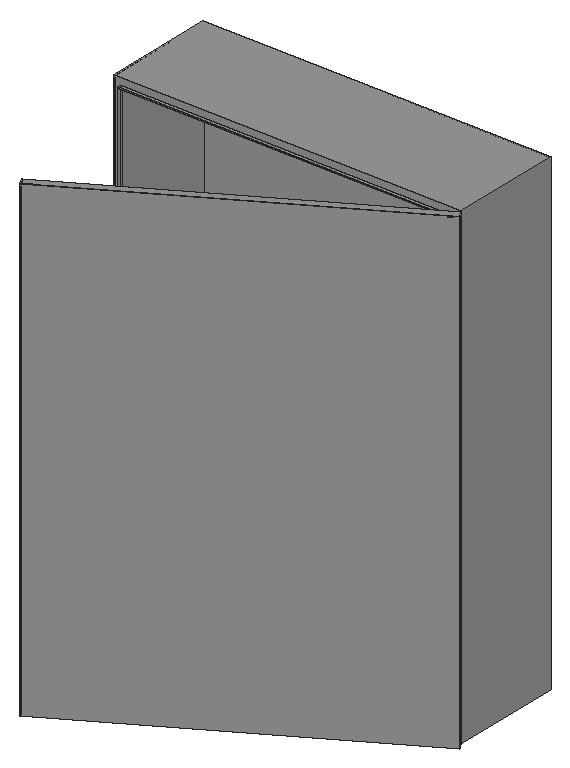
Revit family "Hager-Univers-IP55-D275-H1100-Cl.II-Steel_encl-NoHosted-PL-en", category Equipement électrique, Revit 2020
Family settings
  Configuration du panneau = Deux colonnes, circuits au sein
  Cote de connecteur circulaire = Utiliser le diamètre
  Type d'élément = Tableau de raccordement
  Basée sur le plan de construction = Oui
  Toujours verticalement = Oui
  Couper avec des vides une fois chargée = Non
  Partagée = Non
  Point de calcul de pièce = Non
Parameters (values of type "Surface mounted (plaster) IP55 W800 H1100 D275  - FR73S")
  Width Control [instance] = if([EF000008 - Width] > Min Width, [EF000008 - Width], Min Width)  # 800 mm
  Commentaires du type = [HG000003 - Range]  # "Univers"
  Thickness Door [instance] = if([EF009171 - Material plate thickness door/cover] > 3 mm, 3 mm, [EF009171 - Material plate thickness door/cover])  # 1.5 mm
  Seal Frame Offset [instance] = 17 mm  # constant formula
  Plinth Visibility [instance] = [HG000027 - Plinth height] > 0 mm  # no
  Min Width [instance] = 100 mm  # constant formula
  Min Depth [instance] = (2 * [EF009170 - Material plate thickness cabinet]) + 1 mm  # 4 mm
  Min Height [instance] = 100 mm  # constant formula
  Internal Frame Depth [instance] = (Door System Depth * 0.5)  # 9 mm
  Panel Name [instance] = ""  # (empty or 0)
  Model = ""
  HG000027 - Plinth height = 0 mm
  HG000026 - Floor standing = no
  HG000024 - Bottom section height = 600 mm
  HG000023 - Double section enclosure = no
  HG000016 - Door 3d visibility [instance] = yes
  HG000015 - Clearance visibility [instance] = no
  HG000014 - Door on the right [instance] = yes
  HG000013 - Door on the left [instance] = not([HG000014 - Door on the right])  # no
  HG000012 - Door swing angle [instance] = 30.00°
  HG000010 - Asymmetric doors = no
  HG000009 - Double swing door = no
  HG000006 - Flush mounted = no
  HG000004 - Manufacturer reference = "FR73S"
  HG000003 - Range = "Univers"
  HG000002 - With door or cover = yes
  Frame Offset Bottom [instance] = 10 mm  # constant formula
  Frame Offset [instance] = 15 mm  # constant formula
  EF015940 - Cover with overpressure release = no
  EF011959 - Degree of protection (NEMA) = ""
  EF009554 - Number of openings for flange plates = 6
  EF009212 - Cover model = "EV000116 - Closed"
  EF009171 - Material plate thickness door/cover = 1.5 mm
  EF009170 - Material plate thickness cabinet = 1.5 mm
  EF008873 - Nominal current (In) = 800 A
  EF007800 - Suitable for lightning protection = no
  EF006306 - With lock = no
  EF006244 - Transparent cover/door = no
  EF005474 - Degree of protection (IP) = "EV006420 - IP55"
  EF004464 - Type of door = "EV002646 - Single"
  EF004427 - Number of modules = 252
  EF004293 - Impact strength = "EV008784 - IK10"
  EF003532 - Suitable for outdoor use = no
  EF002950 - Width in number of modular spacings = 24
  EF001613 - Circuit integrity = "EV000494 - None"
  EF001596 - Material housing = "EV000179 - Steel"
  EF001131 - Internal depth = 275 mm
  EF001088 - Extension possible = yes
  EF000437 - Number of conduit inlets = 6
  EF000339 - Type of cover = "EV004216 - Door"
  EF000266 - Number of rows = 7
  EF000218 - Built-in depth = 0 mm
  EF000118 - With mounting plate = no
  EF000116 - RAL-number = "7035"
  EF000049 - Depth = 275 mm
  EF000040 - Height = 1100 mm
  EF000008 - Width = 800 mm
  EF000007 - Colour = "EV000270 - Grey"
  EF000003 - Mounting method = "EV000384 - Surface mounted (plaster)"
  Door System Leaf Tolerance [instance] = 1.5 mm  # constant formula
  Door System Depth [instance] = 18 mm  # constant formula
  Door Height [instance] = Height Control - [HG000027 - Plinth height]  # 1100 mm
  Description = ""
  Default Elevation = 1219.2 mm
  Connector Offset [instance] = Height Control / 2  # 550 mm
  Fabricant = "Hager"  # constant formula
  Height Control [instance] = if([EF000040 - Height] > Min Height, [EF000040 - Height], Min Height)  # 1100 mm
  Depth Control [instance] = if([EF000049 - Depth] > Min Depth, [EF000049 - Depth], Min Depth)  # 275 mm
  Bottom Top Plate Trim [instance] = 1.5 mm  # constant formula
  Plinth height Ctrl [instance] = if([HG000027 - Plinth height] > 0 mm, [HG000027 - Plinth height], 12 mm)  # 12 mm
Types (5, lengths in mm): name | Width Control | HG000010 - Asymmetric doors | HG000009 - Double swing door | HG000004 - Manufacturer reference | EF009554 - Number of openings for flange plates | EF004464 - Type of door | EF004427 - Number of modules | EF000437 - Number of conduit inlets | EF000008 - Width
  Surface mounted (plaster) IP55 W1050 H1100 D275  - FR74S | 1050 | no | yes | "FR74S" | 8 | "EV003602 - Double" | 336 | 8 | 1050
  Surface mounted (plaster) IP55 W1300 H1100 D275  - FR75S | 1300 | yes | yes | "FR75S" | 10 | "EV003602 - Double" | 420 | 10 | 1300
  Surface mounted (plaster) IP55 W300 H1100 D275  - FR71S | 300 | no | no | "FR71S" | 2 | "EV002646 - Single" | 84 | 2 | 300
  Surface mounted (plaster) IP55 W550 H1100 D275  - FR72S | 550 | no | no | "FR72S" | 4 | "EV002646 - Single" | 168 | 4 | 550
  Surface mounted (plaster) IP55 W800 H1100 D275  - FR73S | 800 | no | no | "FR73S" | 6 | "EV002646 - Single" | 252 | 6 | 800
Reference planes
  plane 1 "Center (Front/Back)": y = 0
  plane 2: z = 0
  plane 3 "Center (Left/Right)": x = 0
  plane 4: y = 0
  plane 5: y = 0
  plane 6: z = 0
  plane 7: x = -400
  plane 8: x = 400
  plane 9: x = 398.5
  plane 10: x = -398.5
  plane 11: z = 0
  plane 12: z = 1.5
  plane 13: y = -275
  plane 14: y = -1.5
  plane 15: x = 0
  plane 16: y = -257
  plane 17: y = -273.5
  plane 18: y = -255.5
  plane 19: x = -383.5
  plane 20: x = 383.5
  plane 21: z = 11.5
  plane 22: x = -383
  plane 23: x = 383
  plane 24: z = 0
  plane 25: z = 1100
  plane 26: z = 1100
  plane 27: z = 1083.5
  plane 28: z = 1098.5
Forms (mm)
  Extrusion 1, solid, material "Hager_Steel_RAL7035_Light_Grey", detail levels medium+fine
    sketch origin (-208.679, -4572, 0) x (-1, 0, 0) y (0, -1, 0)
      loop
        line (191.321, -4315) -> (-608.679, -4315) -> (-608.679, -4572) -> (191.321, -4572) -> (191.321, -4315)
    from 0 to 1100
  Extrusion 2, void
    sketch origin (-350.771, -275, 1219.2) x (1, 0, 0) y (0, 0, 1)
      loop
        line (-47.729, -120.7) -> (-47.729, -1217.7) -> (749.271, -1217.7) -> (749.271, -120.7) -> (-47.729, -120.7)
    from -19.5 to -273.5
  Extrusion 3, void
    sketch origin (-290.084, -257, 1219.2) x (1, 0, 0) y (0, 0, 1)
      loop
        line (-93.416, -1207.7) -> (673.584, -1207.7) -> (673.584, -135.7) -> (-93.416, -135.7) -> (-93.416, -1207.7)
    from 0 to -1.5
  Extrusion 4, solid, material "Hager_Steel_RAL7035_Light_Grey", visible <- "Plinth Visibility", detail levels medium+fine
    sketch origin (0, 0, 0) x (1, 0, 0) y (0, 1, 0)
      loop
        line (-400, 0) -> (-400, -257) -> (400, -257) -> (400, 0) -> (-400, 0)
    from 0 to 12 <- "Plinth height Ctrl"
  Extrusion 5, solid, material "Hager_Steel_RAL7035_Light_Grey", detail levels coarse
    sketch origin (0, 0, 0) x (1, 0, 0) y (0, 1, 0)
      loop
        line (-400, 0) -> (-400, -275) -> (400, -275) -> (400, 0) -> (-400, 0)
    from 0 to 1100 <- "Height Control"
  Sweep 6, void
    path in 3D
      loop
        line (-400, -257, 12) -> (400, -257, 12) -> (400, 0, 12) -> (-400, 0, 12) -> (-400, -257, 12)
    profile origin (-400, -128.5, 12) x (1, 0, 0) y (0, 0, 1)
      loop
        line (0, 0) -> (0, -1.5) -> (1.5, -1.5)
        arc (1.5, -1.5) -> (1.061, -0.439) -> (0, 0) r 1.5
  Extrusion 7, solid, material "Hager_Steel_RAL7035_Light_Grey", detail levels fine
    sketch origin (-400, -257, 0) x (1, 0, 0) y (0, 0, 1)
      loop
        line (16.5, 11.5) -> (783.5, 11.5) -> (783.5, 1083.5) -> (16.5, 1083.5) -> (16.5, 11.5)
      loop
        line (15, 10) -> (785, 10) -> (785, 1085) -> (15, 1085) -> (15, 10)
    from 0 to 9 <- "Internal Frame Depth"
Cuts and joins
  Extrusion 2, Extrusion 3 cuts Extrusion 1
  Sweep 6 cuts Extrusion 4
Lines and regions (mm)
  Masking region 1
    outline origin (0, 0, 0) x (1, 0, 0) y (0, 1, 0)
      loop
        line (-400, 0) -> (-400, -275) -> (400, -275) -> (400, 0) -> (-400, 0)
  Masking region 2, detail levels coarse
    outline origin (-290.084, -257, 1219.2) x (-1, 0, 0) y (0, 0, 1)
      loop
        line (-690.084, -1219.2) -> (109.916, -1219.2) -> (109.916, -119.2) -> (-690.084, -119.2) -> (-690.084, -1219.2)
  Masking region 3, detail levels coarse
    outline origin (0, 0, 0) x (0, 1, 0) y (0, 0, 1)
      loop
        line (0, 0) -> (0, 1100) -> (-275, 1100) -> (-275, 0) -> (0, 0)
  Masking region 4, visible <- "Plinth Visibility", detail levels medium+fine
    outline origin (0, 0, 0) x (0, 1, 0) y (0, 0, 1)
      loop
        line (-1.5, 12) -> (-255.5, 12)
        arc (-255.5, 12) -> (-255.939, 10.939) -> (-257, 10.5) r 1.5
        line (-257, 10.5) -> (-257, 0) -> (0, 0) -> (0, 10.5)
        arc (0, 10.5) -> (-1.061, 10.939) -> (-1.5, 12) r 1.5
  Masking region 5, detail levels medium+fine
    outline origin (0, 0, 594.038) x (0, 1, 0) y (0, 0, 1)
      loop
        line (0, -594.038) -> (0, 505.962) -> (-257, 505.962) -> (-257, -594.038) -> (0, -594.038)
  Masking region 6, detail levels medium+fine
    outline origin (-359.7, -257, 1211.883) x (-1, 0, 0) y (0, 0, 1)
      loop
        line (-759.7, -1211.883) -> (40.3, -1211.883) -> (40.3, -111.883) -> (-759.7, -111.883) -> (-759.7, -1211.883)
  Masking region 7, visible <- "Plinth Visibility", detail levels medium+fine
    outline origin (-320.334, -257, 1041.368) x (-1, 0, 0) y (0, 0, 1)
      loop
        line (-720.334, -1041.368) -> (79.666, -1041.368) -> (79.666, -1030.868)
        arc (79.666, -1030.868) -> (78.606, -1030.429) -> (78.166, -1029.368) r 1.5
        line (78.166, -1029.368) -> (-718.834, -1029.368)
        arc (-718.834, -1029.368) -> (-719.273, -1030.429) -> (-720.334, -1030.868) r 1.5
        line (-720.334, -1030.868) -> (-720.334, -1041.368)
  sketch lines
    curve 1: line (-400, 0, 12) -> (-400, -257, 12)
    curve 2: line (-400, -257, 12) -> (400, -257, 12)
    curve 3: line (400, 0, 12) -> (-400, 0, 12)
    curve 4: line (400, -257, 12) -> (400, 0, 12)
Dimensions and locks
  locked: plane 1 "Center (Front/Back)" to plane 5
  "EF009170 - Material plate thickness cabinet": plane 7 to plane 10
  "EF009170 - Material plate thickness cabinet": plane 8 to plane 9
  equal spacing: plane 7, plane 3 "Center (Left/Right)", plane 8
  "Width Control": plane 7 to plane 8
  "Depth Control": plane 4 to plane 13
  "EF009170 - Material plate thickness cabinet": plane 4 to plane 14
  "Height Control": plane 25 to level
  "HG000027 - Plinth height": plane 11 to level
  "EF009170 - Material plate thickness cabinet": plane 12 to plane 11
  "EF009170 - Material plate thickness cabinet": plane 17 to plane 13
  "EF009170 - Material plate thickness cabinet": plane 18 to plane 16
  "Frame Offset Bottom": plane 21 to plane 12
  "Frame Offset": plane 10 to plane 19
  "Frame Offset": plane 9 to plane 20
  "Door System Depth": plane 16 to plane 13
  "Seal Frame Offset": plane 7 to plane 22
  "Seal Frame Offset": plane 8 to plane 23
  "EF009170 - Material plate thickness cabinet": plane 26 to plane 28
  "Frame Offset": plane 28 to plane 27
  "Connector Offset": plane 2 to connector elem
  "Bottom Top Plate Trim": profile plane to Sweep 6 sketch curve
  "Bottom Top Plate Trim": Sweep 6 sketch curve to Sweep 6 sketch curve
  "Plinth height Ctrl": Masking region 4 sketch curve to level
  "Plinth height Ctrl": Masking region 7 sketch curve to level
  "Thickness Door": Extrusion 7 sketch curve to Extrusion 7 sketch curve  (x4)
  "Bottom Top Plate Trim": radius of Sweep 6 sketch curve
  "Bottom Top Plate Trim": radius of Masking region 4 sketch curve  (x2)
  "Bottom Top Plate Trim": radius of Masking region 7 sketch curve  (x2)
  aligned and locked: Extrusion 2 sketch curve to plane 12
  aligned and locked: Extrusion 2 sketch curve to plane 9
  aligned and locked: Extrusion 2 sketch curve to plane 10
  aligned and locked: Extrusion 2 to plane 14
  aligned and locked: Extrusion 1 sketch curve to plane 4
  aligned and locked: plane 8 to Extrusion 1 sketch curve
  aligned and locked: plane 7 to Extrusion 1 sketch curve
  aligned and locked: Extrusion 2 to plane 18
  aligned and locked: Extrusion 3 sketch curve to plane 19
  aligned and locked: plane 20 to Extrusion 3 sketch curve
  aligned and locked: Extrusion 3 to Extrusion 2
  aligned and locked: Extrusion 3 sketch curve to plane 21
  aligned and locked: plane 3 "Center (Left/Right)" to nested 1
  aligned and locked: Extrusion 1 sketch curve to plane 16
  aligned and locked: Extrusion 4 sketch curve to cut or joined group of Extrusion 1, Extrusion 2, Extrusion 3
  aligned and locked: Masking region 1 sketch curve to plane 7
  aligned and locked: Masking region 1 sketch curve to plane 5
  aligned and locked: Masking region 1 sketch curve to plane 8
  aligned and locked: Masking region 2 sketch curve to level
  aligned and locked: level to Masking region 3 sketch curve
  aligned and locked: plane 1 "Center (Front/Back)" to Masking region 3 sketch curve
  aligned and locked: plane 13 to Masking region 3 sketch curve
  aligned and locked: plane 5 to Masking region 4 sketch curve
  aligned and locked: Masking region 2 sketch curve to plane 8
  aligned and locked: Masking region 2 sketch curve to plane 7
  aligned and locked: plane 7 to nested 2
  aligned and locked: nested 2 to plane 5
  aligned and locked: plane 5 to Masking region 5 sketch curve
  aligned and locked: plane 26 to Masking region 5 sketch curve
  aligned and locked: Extrusion 5 sketch curve to plane 8
  aligned and locked: Extrusion 5 sketch curve to plane 7
  aligned and locked: Extrusion 5 sketch curve to plane 5
  aligned and locked: Extrusion 3 sketch curve to plane 27
  aligned and locked: Extrusion 2 sketch curve to plane 28
  aligned and locked: Masking region 2 to plane 25
  aligned and locked: Extrusion 4 to plane 16
  aligned and locked: profile plane to Sweep 6 sketch curve
  aligned and locked: Masking region 5 sketch curve to plane 24
  aligned and locked: level to Masking region 4 sketch curve
  aligned and locked: Masking region 1 to plane 13
  aligned and locked: nested 1 to plane 16
  aligned and locked: Masking region 3 to plane 25
  aligned and locked: plane 16 to Masking region 4 sketch curve
  aligned and locked: Masking region 5 sketch curve to plane 16
  aligned and locked: plane 24 to plane 11
  aligned and locked: plane 26 to plane 25
  aligned and locked: plane 26 to cut or joined group of Extrusion 1, Extrusion 2, Extrusion 3
  aligned and locked: nested 1 to plane 24
  aligned and locked: Extrusion 1 to Extrusion 3
  aligned and locked: Masking region 6 sketch curve to plane 8
  aligned and locked: Masking region 6 sketch curve to plane 24
  aligned and locked: Masking region 6 sketch curve to plane 7
  aligned and locked: Masking region 6 sketch curve to plane 26
  aligned and locked: Masking region 7 sketch curve to plane 7
  aligned and locked: level to Masking region 7 sketch curve
  aligned and locked: Masking region 7 sketch curve to plane 8
  aligned and locked: Extrusion 7 sketch curve to cut or joined group of Extrusion 1, Extrusion 2, Extrusion 3  (x4)
Automatic sketch dimensions
  plane 19 to Extrusion 3 sketch curve = 0 mm
  Extrusion 3 sketch curve to plane 20 = 0 mm
  Extrusion 3 sketch curve to plane 21 = 0 mm
  Extrusion 4 sketch curve to plane 7 = 0 mm
  Extrusion 4 sketch curve to plane 8 = 0 mm
  Extrusion 4 sketch curve to plane 16 = 0 mm
  Masking region 1 sketch curve to plane 13 = 0 mm
  Masking region 2 sketch curve to plane 25 = 0 mm
  Masking region 3 sketch curve to plane 25 = 0 mm
  Extrusion 5 sketch curve to plane 13 = 0 mm
  profile plane to Sweep 6 sketch curve = 0 mm
Nested families
  nested 1: "EC000058_Univers_Door" at (0, -257, 0), Double <- "HG000009 - Double swing door", Transparent <- "EF006244 - Transparent cover/door", Angle <- "HG000012 - Door swing angle", Door_Right <- "HG000014 - Door on the right", Assymetrical <- "HG000010 - Asymmetric doors", Door <- "HG000002 - With door or cover", Width_Ctrl <- "Width Control", 3d_Door <- "HG000016 - Door 3d visibility", Clearance <- "HG000015 - Clearance visibility", Door_Left <- "HG000013 - Door on the left", Width <- "Width Control", Door_Depth <- "Door System Depth", Leaf_Tolerance <- "Door System Leaf Tolerance", Height <- "Door Height", Lock_Visibility <- "EF006306 - With lock", Thickness <- "Thickness Door", type "EC000058_Univers_Door", detail levels medium+fine
    with min_wh 4 mm, Width_Ctrl 800 mm, Width 800 mm, Transparent no, Thickness 1.5 mm, Seal_Material Hager_Rubber, Lock_Visibility no, Lock_Material Hager_Plastic_RAL9005_Jet_Black, Leaf_Width 800 mm, Leaf_Tolerance_External_Sides 0 mm, Leaf_Tolerance 1.5 mm, Leaf_Offset 0 mm, Leaf_Height 1097 mm, Leaf_2_Width 800 mm, Leaf_2_Offset 400 mm, Leaf_1_Width 800 mm, Leaf_1_Offset 400 mm, Height_Ctrl 1100 mm, Height 1100 mm, Glass_Material Hager_Glass, Double_Clearance_Ctrl no, Double no, Door_Right_Ctrl yes, Door_Right yes, Door_Material Hager_Steel_RAL7035_Light_Grey, Door_Left_Ctrl no, Door_Left no, Door_Depth 18 mm, Door yes, Clearance_Material Hager_Clearance, Clearance_Depth 800 mm, Clearance_Ctrl no, Clearance no, Assymetrical no, Angle 30.00°, 3d_Door yes
  nested 2: "Hager_Enclosure_Symbol" at (-400, 0, 0), Height <- "Depth Control", Width <- "Width Control", type "Hager_Enclosure_Symbol"
    with Width_Ctrl 800 mm, Width 800 mm, Height_Ctrl 275 mm, Height 275 mm, A_Width_Int 18.047 mm, A_Width 216.562 mm, A_Height_Ctrl 240.625 mm, A_Height 240.625 mm
Connectors
  electrical at (0, 0, 550)
    settings: on plane 1 "Center (Front/Back)", index 1, voltage 0 V, apparent load 0 VA, apparent load phase1 0 VA, apparent load phase2 0 VA, apparent load phase3 0 VA, power factor 1, load classification "Other", number of poles 1, system type 30, power factor state 1, is connector primary yes, connector utility no, sub classification motor no, connector description ""
Definition of nested family "EC000058_Univers_Door"
  Parameters (values of type "EC000058_Univers_Door")
    min_wh [instance] = (2 * Thickness) + 1 mm  # 11 mm
    Width_Ctrl [instance] = 400 mm
    Width [instance] = 500 mm
    Transparent [instance] = yes
    Thickness [instance] = 5 mm
    Seal_Material [instance] = none
    Lock_Visibility [instance] = yes
    Lock_Material [instance] = none
    Leaf_Width [instance] = if((Width_Ctrl - 2 * Leaf_Tolerance_External_Sides) > 0 mm, (Width_Ctrl - 2 * Leaf_Tolerance_External_Sides), min_wh)  # 400 mm
    Leaf_Tolerance_External_Sides [instance] = 0 mm  # constant formula
    Leaf_Tolerance [instance] = 1.5 mm
    Leaf_Offset [instance] = 0 mm  # constant formula
    Leaf_Height [instance] = if((Height_Ctrl - 2 * Leaf_Tolerance) > 0 mm, (Height_Ctrl - 2 * Leaf_Tolerance), min_wh)  # 497 mm
    Leaf_2_Width [instance] = if(and(and(Double, Assymetrical), Door_Left), (Leaf_Width / 3) - (Leaf_Tolerance / 2), if(and(and(Double, Assymetrical), Door_Right), (Leaf_Width / 3) * 2 - (Leaf_Tolerance / 2), if(and(Double, not(Assymetrical)), (Leaf_Width / 2) - Leaf_Tolerance, Leaf_Width)))  # 400 mm
    Leaf_2_Offset [instance] = if(and(Double, Assymetrical), Leaf_2_Width / 2, if(and(Double, not(Assymetrical)), Leaf_Width / 4, Leaf_Width / 2))  # 200 mm
    Leaf_1_Width [instance] = if(and(and(Double, Assymetrical), Door_Right), (Leaf_Width / 3) - (Leaf_Tolerance / 2), if(and(and(Double, Assymetrical), Door_Left), (Width / 3) * 2 - (Leaf_Tolerance / 2), if(and(Double, not(Assymetrical)), (Leaf_Width / 2) - Leaf_Tolerance, Leaf_Width)))  # 400 mm
    Leaf_1_Offset [instance] = if(and(Double, Assymetrical), Leaf_1_Width / 2, if(and(Double, not(Assymetrical)), Leaf_Width / 4, Leaf_Width / 2))  # 200 mm
    Height_Ctrl [instance] = if(Height > min_wh, Height, min_wh)  # 500 mm
    Height [instance] = 500 mm
    Glass_Material [instance] = none
    Double_Clearance_Ctrl [instance] = and(Double, Clearance)  # no
    Double [instance] = no
    Door_Right_Ctrl [instance] = and(or(Door_Right, Double), Door)  # yes
    Door_Right [instance] = yes
    Door_Material [instance] = none
    Door_Left_Ctrl [instance] = and(or(Door_Left, Double), Door)  # no
    Door_Left [instance] = no
    Door_Depth [instance] = 30 mm
    Door [instance] = yes
    Default Elevation = 1219.2 mm
    Clearance_Material [instance] = none
    Clearance_Depth [instance] = if(Leaf_1_Width > Leaf_2_Width, Leaf_1_Width, Leaf_2_Width)  # 400 mm
    Clearance_Ctrl [instance] = and(not(Double), Clearance)  # yes
    Clearance [instance] = yes
    Assymetrical [instance] = yes
    Angle [instance] = 30.00°
    3d_Door [instance] = yes
  Reference planes
    plane 1 "Center (Front/Back)": y = 0
    plane 2 "Bottom": z = 0
    plane 3 "Center (Left/Right)": x = 0
    plane 4: z = 500
    plane 5: x = -200
    plane 6: x = 200
    plane 7: z = 500
    plane 8: x = -200
    plane 9: z = 0
    plane 10: x = 200
    plane 11: y = 0
    plane 12: z = 1.5
    plane 13: x = -600
    plane 14: y = -400
    plane 15: x = 600
    plane 16: x = 0
    plane 17: x = 0
    plane 18: x = -200
    plane 19: x = 200
    plane 20: z = 498.5
  Forms (mm)
    Extrusion 1, solid, material <- "Clearance_Material", visible <- "Double_Clearance_Ctrl"
      sketch origin (1200, 0, 0) x (1, 0, 0) y (0, 0, -1)
        loop
          line (-1800, -498.5) -> (-600, -498.5) -> (-600, 0) -> (-1800, 0) -> (-1800, -498.5)
      from 0 to -400
  Dimensions and locks
    equal spacing: plane 5, plane 3 "Center (Left/Right)", plane 6
    "Width_Ctrl": plane 5 to plane 6
    "Leaf_Offset": plane 5 to plane 8
    "Leaf_Offset": plane 6 to plane 10
    "Leaf_Offset": plane 9 to level
    "Leaf_Offset": plane 4 to plane 7
    "Height_Ctrl": plane 4 to level
    "Leaf_Tolerance": plane 12 to plane 9
    locked: plane 11 to plane 1 "Center (Front/Back)"
    "Leaf_1_Offset": plane 18 to plane 16
    "Leaf_2_Offset": plane 17 to plane 19
    "Leaf_1_Width": plane 13 to plane 8
    "Leaf_2_Width": plane 10 to plane 15
    "Clearance_Depth": plane 14 to plane 1 "Center (Front/Back)"
    "Leaf_Tolerance_External_Sides": plane 8 to plane 18
    "Leaf_Tolerance_External_Sides": plane 19 to plane 10
    "Leaf_Tolerance": plane 7 to plane 20
    aligned and locked: level to plane 2 "Bottom"
    aligned and locked: nested 1 to plane 16
    aligned and locked: nested 2 to plane 17
    aligned and locked: Extrusion 1 to plane 13
    aligned and locked: plane 15 to Extrusion 1
    aligned and locked: Extrusion 1 to plane 14
    aligned and locked: plane 12 to nested 1
    aligned and locked: nested 2 to plane 12
    aligned and locked: Extrusion 1 to plane 11
    aligned and locked: plane 20 to Extrusion 1
    aligned and locked: nested 2 to plane 11
    aligned and locked: nested 1 to plane 11
  Automatic sketch dimensions
    Extrusion 1 sketch curve to level = 0 mm
    plane 5 to Extrusion 1 sketch curve = 400 mm
    plane 6 to Extrusion 1 sketch curve = 400 mm
    Extrusion 1 sketch curve to plane 4 = 1.5 mm
  Nested families
    nested 1: "EC000058_Univers_Door_Leaf" at (0, 0, 1.5), Width <- "Leaf_1_Width", visible <- "Door_Left_Ctrl", Leaf_Height <- "Leaf_Height", Angle <- "Angle", 3d_Door <- "3d_Door", Transparent <- "Transparent", Clearance Material <- "Clearance_Material", Clearance <- "Clearance_Ctrl", Door_Material <- "Door_Material", Glass_Material <- "Glass_Material", Door_Depth <- "Door_Depth", Lock_Material <- "Lock_Material", Seal_Material <- "Seal_Material", Lock_Visibility <- "Lock_Visibility", Thickness <- "Thickness", type "EC000058_Univers_Door_Leaf"
      with Width 400 mm, Transparent_Glass_Offset 30 mm, Transparent_Ctrl yes, Transparent yes, Thickness 5 mm, Standard no, Seal_Material none, Seal_D2 8 mm, Seal_D1 1 mm, Offset_Internal_Frame 10 mm, Lock_Width 20 mm, Lock_Visibility_3d yes, Lock_Visibility yes, Lock_Thickness_3 3 mm, Lock_Thickness_2 1 mm, Lock_Thickness_1 3 mm, Lock_Radius_Offset_2 16 mm, Lock_Radius_Offset_1 15 mm, Lock_Radius_2 5 mm, Lock_Radius 6 mm, Lock_Offset 5 mm, Lock_Material none, Lock_Height 80 mm, Lock_Cover_Top_Offset_2d 17 mm, Lock_Cover_Height -65 mm, Leaf_Height 497 mm, Internal_Seal_Thickness 8 mm, Internal_Seal_Depth_2 4.5 mm, Internal_Frame_Depth 25 mm, Glass_Thickness -1 mm, Glass_Offset -2 mm, Glass_Material none, Door_Material none, Door_Depth 30 mm, Clearance Material none, Clearance yes, Angle_Ctrl 30.00°, Angle 30.00°, 3d_Door yes
    nested 2: "EC000058_Univers_Door_Leaf" at (0, 0, 1.5) x (-1, 0, 0) z (0, 0, 1), Width <- "Leaf_2_Width", visible <- "Door_Right_Ctrl", Leaf_Height <- "Leaf_Height", Angle <- "Angle", 3d_Door <- "3d_Door", Transparent <- "Transparent", Clearance Material <- "Clearance_Material", Clearance <- "Clearance_Ctrl", Door_Material <- "Door_Material", Glass_Material <- "Glass_Material", Door_Depth <- "Door_Depth", Lock_Material <- "Lock_Material", Seal_Material <- "Seal_Material", Lock_Visibility <- "Lock_Visibility", Thickness <- "Thickness", type "EC000058_Univers_Door_Leaf"
      with Width 400 mm, Transparent_Glass_Offset 30 mm, Transparent_Ctrl yes, Transparent yes, Thickness 5 mm, Standard no, Seal_Material none, Seal_D2 8 mm, Seal_D1 1 mm, Offset_Internal_Frame 10 mm, Lock_Width 20 mm, Lock_Visibility_3d yes, Lock_Visibility yes, Lock_Thickness_3 3 mm, Lock_Thickness_2 1 mm, Lock_Thickness_1 3 mm, Lock_Radius_Offset_2 16 mm, Lock_Radius_Offset_1 15 mm, Lock_Radius_2 5 mm, Lock_Radius 6 mm, Lock_Offset 5 mm, Lock_Material none, Lock_Height 80 mm, Lock_Cover_Top_Offset_2d 17 mm, Lock_Cover_Height -65 mm, Leaf_Height 497 mm, Internal_Seal_Thickness 8 mm, Internal_Seal_Depth_2 4.5 mm, Internal_Frame_Depth 25 mm, Glass_Thickness -1 mm, Glass_Offset -2 mm, Glass_Material none, Door_Material none, Door_Depth 30 mm, Clearance Material none, Clearance yes, Angle_Ctrl 30.00°, Angle 30.00°, 3d_Door yes
  Definition of nested family "EC000058_Univers_Door_Leaf"
    Parameters (values of type "EC000058_Univers_Door_Leaf")
      Width [instance] = 2000 mm
      Transparent_Glass_Offset [instance] = 30 mm
      Transparent_Ctrl [instance] = and(Transparent, [3d_Door])  # yes
      Transparent [instance] = yes
      Thickness [instance] = 5 mm
      Standard [instance] = and(not(Transparent), [3d_Door])  # no
      Seal_Material [instance] = none
      Seal_D2 [instance] = 8 mm  # constant formula
      Seal_D1 [instance] = 1 mm  # constant formula
      Offset_Internal_Frame [instance] = 10 mm  # constant formula
      Lock_Width [instance] = 20 mm  # constant formula
      Lock_Visibility_3d [instance] = and(Lock_Visibility, [3d_Door])  # yes
      Lock_Visibility [instance] = yes
      Lock_Thickness_3 [instance] = 3 mm  # constant formula
      Lock_Thickness_2 [instance] = 1 mm  # constant formula
      Lock_Thickness_1 [instance] = 3 mm  # constant formula
      Lock_Radius_Offset_2 [instance] = Lock_Radius_Offset_1 + 1 mm  # 16 mm
      Lock_Radius_Offset_1 [instance] = 15 mm  # constant formula
      Lock_Radius_2 [instance] = Lock_Radius - 1 mm  # 5 mm
      Lock_Radius [instance] = 6 mm  # constant formula
      Lock_Offset [instance] = 5 mm  # constant formula
      Lock_Material [instance] = none
      Lock_Height [instance] = 80 mm  # constant formula
      Lock_Cover_Top_Offset_2d [instance] = Lock_Radius_Offset_2 + 1 mm  # 17 mm
      Lock_Cover_Height [instance] = -(Lock_Height - Lock_Radius_Offset_1)  # -65 mm
      Leaf_Height [instance] = 2720.336 mm
      Internal_Seal_Thickness [instance] = 8 mm  # constant formula
      Internal_Seal_Depth_2 [instance] = 4.5 mm  # constant formula
      Internal_Frame_Depth [instance] = if(Door_Depth - Thickness > 5 mm, Door_Depth - Thickness, 5 mm)  # 25 mm
      Glass_Thickness [instance] = if(Thickness > 15 mm, Glass_Offset + 10 mm, -1 mm)  # -1 mm
      Glass_Offset [instance] = if(Thickness > 15 mm, -(Thickness + 10 mm) / 2, -2 mm)  # -2 mm
      Glass_Material [instance] = none
      Door_Material [instance] = none
      Door_Depth [instance] = 30 mm
      Default Elevation = 0 mm
      Clearance Material [instance] = none
      Clearance [instance] = yes
      Angle_Ctrl [instance] = if(Angle > 180.00°, 180.00°, Angle)  # 90.00°
      Angle [instance] = 90.00°
      3d_Door [instance] = yes
    Reference planes
      plane 1 "Center (Front/Back)": y = 0
      plane 2: z = 0
      plane 3 "Center (Left/Right)": x = 0
      plane 4: y = 2000
      plane 5: x = -1000
      plane 6: x = 1000
      plane 7: x = -3000
      plane 8: z = 2720.336
      plane 9: z = 30
      plane 10: z = 2690.336
      plane 11: x = 970
      plane 12: x = -970
      plane 13: y = -3
      plane 14: z = 107.833
      plane 15: y = -5
      plane 16: y = -223.314
      plane 17: x = -1000
      plane 18: z = 1360.168
      plane 19: y = 30
    Forms (mm)
      Extrusion 1, solid, material <- "Clearance Material", visible <- "Clearance"
        sketch origin (0, 0, 0) x (1, 0, 0) y (0, 0, 1)
          loop
            line (-3000, 2720.336) -> (-3000, 0) -> (1000, 0) -> (1000, 2720.336) -> (-3000, 2720.336)
        from 0 to -2000
      Extrusion 2, solid, material <- "Door_Material", visible <- "Standard", detail levels medium+fine
        sketch origin (-1000, 0, 0) x (0, 1, 0) y (-1, 0, 0)
          loop
            line (0, 30) -> (0, 25) -> (2000, 25) -> (2000, 30) -> (0, 30)
        from 0 to 2720.336 <- "Leaf_Height"
      Extrusion 3, solid, material <- "Door_Material", visible <- "Transparent_Ctrl", detail levels medium+fine
        sketch origin (-1000, 0, 0) x (0, 1, 0) y (-1, 0, 0)
          loop
            line (0, 25) -> (2000, 25) -> (2000, 30) -> (0, 30) -> (0, 25)
        from 0 to 2720.336 <- "Leaf_Height"
      Extrusion 4, void
        sketch origin (-1025, 2000, 0) x (0, 1, 0) y (0, 0, -1)
          loop
            line (-30, -2690.336) -> (-30, -30) -> (-1970, -30) -> (-1970, -2690.336) -> (-30, -2690.336)
        from 0 to 5 <- "Thickness"
      Sweep 5, solid, material <- "Seal_Material", visible <- "Transparent_Ctrl", detail levels fine
        path in 3D
          loop
            line (-1025, 30, 30) -> (-1025, 30, 2690.336) -> (-1025, 1970, 2690.336) -> (-1025, 1970, 30) -> (-1025, 30, 30)
        profile origin (-1025, 1000, 30) x (1, 0, 0) y (0, 0, 1)
          loop
            line (0, 0) -> (0, -8) -> (1, -8) -> (1, 0) -> (0, 0)
      Extrusion 6, solid, material <- "Glass_Material", visible <- "Transparent_Ctrl", detail levels medium+fine
        sketch origin (-1030, 0, 0) x (0, 1, 0) y (0, 0, -1)
          loop
            line (1970, -2690.336) -> (1970, -30) -> (30, -30) -> (30, -2690.336) -> (1970, -2690.336)
        from -2 <- "Glass_Offset" to -1 <- "Glass_Thickness"
      Extrusion 7, solid, material <- "Door_Material", visible <- "3d_Door", detail levels medium+fine
        sketch origin (-1025, 2000, 0) x (0, -1, 0) y (0, 0, -1)
          loop
            line (0, -2720.336) -> (2000, -2720.336) -> (2000, 0) -> (0, 0) -> (0, -2720.336)
          loop
            line (1995, -5) -> (5, -5) -> (5, -2715.336) -> (1995, -2715.336) -> (1995, -5)
        from 0 to 25 <- "Internal_Frame_Depth"
      Sweep 8, solid, material <- "Seal_Material", visible <- "Transparent_Ctrl", detail levels fine
        path in 3D
          loop
            line (-1025, 0, 0) -> (-1025, 2000, 0) -> (-1025, 2000, 2720.336) -> (-1025, 0, 2720.336) -> (-1025, 0, 0)
        profile origin (-1025, 0, 1360.168) x (1, 0, 0) y (0, 1, 0)
          loop
            line (0, 10) -> (2.975, 10)
            arc (2.975, 10) -> (4.053, 10.447) -> (4.5, 11.525) r 1.525
            line (4.5, 11.525) -> (4.5, 16.527)
            arc (4.5, 16.527) -> (4.069, 17.569) -> (3.027, 18) r 1.473
            line (3.027, 18) -> (0, 18) -> (0, 10)
      Extrusion 9, solid, material <- "Lock_Material", visible <- "Lock_Visibility_3d", detail levels fine
        sketch origin (-1030, 0, 0) x (0, 1, 0) y (0, 0, -1)
          loop
            arc (1993.5, -1400.168) -> (1994.561, -1399.729) -> (1995, -1398.668) r 1.5
            line (1995, -1398.668) -> (1995, -1320.168) -> (1975, -1320.168) -> (1975, -1398.668)
            arc (1975, -1398.668) -> (1975.439, -1399.729) -> (1976.5, -1400.168) r 1.5
            line (1976.5, -1400.168) -> (1993.5, -1400.168)
        from 3 <- "Lock_Thickness_1" to 0
      Blend 10, solid, material <- "Lock_Material", visible <- "Lock_Visibility_3d", detail levels fine
        base sketch origin (-1033, 0, 0) x (0, 1, 0) y (0, 0, -1)
          loop
            line (1975, -1320.168) -> (1975, -1398.668)
            arc (1975, -1398.668) -> (1975.439, -1399.729) -> (1976.5, -1400.168) r 1.5
            line (1976.5, -1400.168) -> (1993.5, -1400.168)
            arc (1993.5, -1400.168) -> (1994.561, -1399.729) -> (1995, -1398.668) r 1.5
            line (1995, -1398.668) -> (1995, -1320.168) -> (1975, -1320.168)
        top sketch origin (-1033, 0, 0) x (0, 1, 0) y (0, 0, -1)
          loop
            line (1976, -1320.168) -> (1976, -1398.668)
            arc (1976, -1398.668) -> (1976.146, -1399.022) -> (1976.5, -1399.168) r 0.5
            line (1976.5, -1399.168) -> (1993.5, -1399.168)
            arc (1993.5, -1399.168) -> (1993.854, -1399.022) -> (1994, -1398.668) r 0.5
            line (1994, -1398.668) -> (1994, -1320.168) -> (1976, -1320.168)
        from 0 to 1 <- "Lock_Thickness_2"
      Blend 11, solid, material <- "Lock_Material", visible <- "Lock_Visibility_3d", detail levels fine
        base sketch origin (-1034, 0, 0) x (0, 1, 0) y (0, 0, -1)
          loop
            line (1978, -1320.168) -> (1978, -1384.168)
            arc (1978, -1384.168) -> (1985, -1391.168) -> (1992, -1384.168) r 7
            line (1992, -1384.168) -> (1992, -1320.168) -> (1978, -1320.168)
        top sketch origin (-1034, 0, 0) x (0, 1, 0) y (0, 0, -1)
          loop
            line (1991, -1320.168) -> (1979, -1320.168) -> (1979, -1383.168)
            arc (1979, -1383.168) -> (1985, -1389.168) -> (1991, -1383.168) r 6
            line (1991, -1383.168) -> (1991, -1320.168)
        from 0 to 3 <- "Lock_Thickness_3"
      Extrusion 12, solid, material <- "Lock_Material", visible <- "Lock_Visibility_3d", detail levels fine
        sketch origin (-1030, 1975, 1320.168) x (1, 0, 0) y (0, -1, 0)
          loop
            line (-7, -19) -> (-7, -1) -> (0, -1) -> (0, 0) -> (-8, 0) -> (-8, -20) -> (0, -20) -> (0, -19) -> (-7, -19)
        from 0 to -65 <- "Lock_Cover_Height"
      Extrusion 13, void
        sketch origin (-1038, 1995, 1320.168) x (-1, 0, 0) y (0, 0, -1)
          loop
            line (-5, -65) -> (0, -65) -> (-5, -60) -> (-5, -65)
        from 0 to 20 <- "Lock_Width"
      Extrusion 14, void
        sketch origin (-1038, 1975, 1320.168) x (0, -1, 0) y (0, 0, -1)
          loop
            circle (-10, -15.995) r 6
          loop
            circle (-10, -15.995) r 5
        from 0 to 2
      Extrusion 15, solid, material <- "Lock_Material", visible <- "Lock_Visibility_3d", detail levels medium
        sketch origin (-1030, 0, 0) x (0, 1, 0) y (0, 0, -1)
          loop
            arc (1993.5, -1400.168) -> (1994.561, -1399.729) -> (1995, -1398.668) r 1.5
            line (1995, -1398.668) -> (1995, -1320.168) -> (1975, -1320.168) -> (1975, -1398.668)
            arc (1975, -1398.668) -> (1975.439, -1399.729) -> (1976.5, -1400.168) r 1.5
            line (1976.5, -1400.168) -> (1993.5, -1400.168)
        from 8 to 0
    Cuts and joins
      Extrusion 4 cuts Extrusion 3
      Extrusion 13, Extrusion 14 cuts Extrusion 9
      Extrusion 14 cuts Blend 11
      Extrusion 13, Extrusion 14 cuts Extrusion 12
      joined: Extrusion 9, Blend 10, Blend 11, Extrusion 12
      Extrusion 14 cuts Extrusion 15
    Lines and regions (mm)
      Masking region 1, visible <- "Lock_Visibility", detail levels fine
        outline origin (0, 0, 0) x (0, 1, 0) y (0, 0, 1)
          loop
            line (30, 1320.168) -> (33, 1320.168) -> (33, 1400.168) -> (30, 1400.168) -> (30, 1320.168)
      Masking region 2, visible <- "Lock_Visibility", detail levels fine
        outline origin (0, 3.143, 0) x (0, 1, 0) y (0, 0, 1)
          loop
            line (29.857, 1354.168) -> (30.857, 1354.168) -> (30.857, 1366.168) -> (29.857, 1366.168) -> (29.857, 1354.168)
      Masking region 3, detail levels medium+fine
        outline origin (0, 0, 0) x (0, 1, 0) y (0, 0, 1)
          loop
            line (0, 0) -> (30, 0) -> (30, 2720.336) -> (0, 2720.336) -> (0, 0)
      Masking region 4, detail levels medium+fine
        outline origin (0, 0, 0) x (1, 0, 0) y (0, 0, 1)
          loop
            line (-1000, 2720.336) -> (-1000, 0) -> (1000, 0) -> (1000, 2720.336) -> (-1000, 2720.336)
      Masking region 5, visible <- "Lock_Visibility", detail levels fine
        outline origin (-47.116, 0, 0) x (1, 0, 0) y (0, 0, 1)
          loop
            arc (1024.616, 1399.168) -> (1023.556, 1398.729) -> (1023.116, 1397.668) r 1.5
            line (1023.116, 1397.668) -> (1023.116, 1320.168) -> (1041.116, 1320.168) -> (1041.116, 1397.668)
            arc (1041.116, 1397.668) -> (1040.677, 1398.729) -> (1039.616, 1399.168) r 1.5
            line (1039.616, 1399.168) -> (1024.616, 1399.168)
      Masking region 6, visible <- "Lock_Visibility", detail levels medium+fine
        outline origin (-25, 0, 0) x (1, 0, 0) y (0, 0, 1)
          loop
            arc (1001.5, 1400.168) -> (1000.439, 1399.729) -> (1000, 1398.668) r 1.5
            line (1000, 1398.668) -> (1000, 1320.168) -> (1020, 1320.168) -> (1020, 1398.668)
            arc (1020, 1398.668) -> (1019.561, 1399.729) -> (1018.5, 1400.168) r 1.5
            line (1018.5, 1400.168) -> (1001.5, 1400.168)
      Masking region 7, visible <- "Lock_Visibility", detail levels fine
        outline origin (-73.735, 0, 0) x (1, 0, 0) y (0, 0, 1)
          loop
            line (1051.735, 1382.168) -> (1065.735, 1382.168) -> (1065.735, 1384.168)
            arc (1065.735, 1384.168) -> (1058.735, 1391.168) -> (1051.735, 1384.168) r 7
            line (1051.735, 1384.168) -> (1051.735, 1382.168)
      Masking region 8, visible <- "Lock_Visibility", detail levels fine
        outline origin (-73.735, 0, 0) x (1, 0, 0) y (0, 0, 1)
          loop
            line (1052.735, 1382.168) -> (1064.735, 1382.168) -> (1064.735, 1383.168)
            arc (1064.735, 1383.168) -> (1058.735, 1389.168) -> (1052.735, 1383.168) r 6
            line (1052.735, 1383.168) -> (1052.735, 1382.168)
      Masking region 9, visible <- "Lock_Visibility", detail levels fine
        outline origin (-25, 0, 0) x (1, 0, 0) y (0, 0, 1)
          loop
            line (1020, 1320.168) -> (1020, 1382.168) -> (1000, 1382.168) -> (1000, 1320.168) -> (1020, 1320.168)
      Masking region 10, detail levels medium+fine
        outline origin (0, 0, 0) x (1, 0, 0) y (0, 0, 1)
          loop
            circle (985, 1335.144) r 6
      Masking region 11, detail levels fine
        outline origin (0, 0, 0) x (1, 0, 0) y (0, 0, 1)
          loop
            circle (985, 1335.144) r 5
      Masking region 12, visible <- "Lock_Visibility", detail levels fine
        outline origin (0, 12.767, 0) x (0, 1, 0) y (0, 0, 1)
          loop
            line (20.233, 1320.168) -> (21.233, 1320.168) -> (21.233, 1399.168) -> (20.233, 1400.168) -> (20.233, 1320.168)
      Masking region 13, visible <- "Lock_Visibility", detail levels fine
        outline origin (0, 13.767, -10) x (0, 1, 0) y (0, 0, 1)
          loop
            line (20.233, 1330.168) -> (23.233, 1330.168) -> (23.233, 1399.168) -> (20.233, 1402.168) -> (20.233, 1330.168)
      Masking region 14, visible <- "Lock_Visibility", detail levels fine
        outline origin (0, 12.767, -10) x (0, 1, 0) y (0, 0, 1)
          loop
            line (20.233, 1330.168) -> (25.233, 1330.168) -> (25.233, 1399.305) -> (20.233, 1394.305) -> (20.233, 1330.168)
      Masking region 15, visible <- "Lock_Visibility", detail levels medium
        outline origin (0, 0, 0) x (0, 1, 0) y (0, 0, 1)
          loop
            line (30, 1320.168) -> (38, 1320.168) -> (38, 1400.168) -> (30, 1400.168) -> (30, 1320.168)
      Masking region 16, visible <- "Lock_Visibility", detail levels fine
        outline origin (-1000, 0, 0) x (0, 1, 0) y (-1, 0, 0)
          loop
            line (1975, 30) -> (1995, 30) -> (1995, 38) -> (1975, 38) -> (1975, 30)
          loop
            line (1979, 37) -> (1976, 37) -> (1976, 34) -> (1978, 34) -> (1979, 37)
          loop
            line (1994, 37) -> (1991, 37) -> (1992, 34) -> (1994, 34) -> (1994, 37)
      Masking region 17, visible <- "Lock_Visibility", detail levels medium
        outline origin (-1000, 0, 0) x (0, 1, 0) y (-1, 0, 0)
          loop
            line (1975, 30) -> (1995, 30) -> (1995, 38) -> (1975, 38) -> (1975, 30)
      symbolic lines
        curve 1: line (1000, 0, 0) -> (-3000, 0, 0)
        curve 2: arc (1000, 0, 0) -> (-1000, 2000, 0) -> (-3000, 0, 0) r 2000
        curve 4: line (-1030, 0, 0) -> (-1030, 2000, 0)
      reference lines
        curve 3: line (-1000, 0, 0) -> (-1000, 2000, 0)
      symbolic lines, detail levels medium+fine
        curve 5: line (-1030, 2000, 0) -> (-1025, 2000, 0)
        curve 7: line (-1025, 0, 0) -> (-1030, 0, 0)
        curve 8: line (-1025, 0, 0) -> (-1000, 0, 0)
        curve 9: line (-1000, 0, 0) -> (-1000, 2000, 0)
        curve 10: line (-1000, 2000, 0) -> (-1025, 2000, 0)
      symbolic lines, detail levels fine
        curve 6: line (-1025, 2000, 0) -> (-1025, 0, 0)
      sketch lines
        curve 11: line (-1025, 0, 2720.336) -> (-1025, 0, 0)
        curve 12: line (-1025, 2000, 0) -> (-1025, 0, 0)
        curve 13: line (-1025, 2000, 2720.336) -> (-1025, 2000, 0)
        curve 14: line (-1025, 0, 2720.336) -> (-1025, 2000, 2720.336)
        curve 15: line (-1025, 1970, 30) -> (-1025, 30, 30)
        curve 16: line (-1025, 30, 30) -> (-1025, 30, 2690.336)
        curve 17: line (-1025, 1970, 2690.336) -> (-1025, 1970, 30)
        curve 18: line (-1025, 30, 2690.336) -> (-1025, 1970, 2690.336)
      symbolic lines, visible <- "Transparent", detail levels medium+fine
        curve 19: line (-970, 0, 2690.336) -> (970, 0, 2690.336)
        curve 20: line (-970, 0, 30) -> (-970, 0, 2690.336)
        curve 21: line (970, 0, 30) -> (-970, 0, 30)
        curve 22: line (970, 0, 2690.336) -> (970, 0, 30)
    Dimensions and locks
      "Width": plane 1 "Center (Front/Back)" to plane 4
      equal spacing: plane 5, plane 3 "Center (Left/Right)", plane 6
      "Width": plane 5 to plane 6
      "Width": plane 7 to plane 5
      "Leaf_Height": plane 8 to level
      "Width": curve 5 to curve 3
      "Width": curve 3 to curve 3
      plane 8 to plane 10 = 30 mm
      plane 9 to level = 30 mm
      plane 12 to plane 5 = 30 mm
      plane 6 to plane 11 = 30 mm
      Extrusion 1 to Extrusion 4 sketch curve = 30 mm
      "Transparent_Glass_Offset": curve 3 to Extrusion 4 sketch curve
      "Transparent_Glass_Offset": Extrusion 4 sketch curve to cut or joined group of Extrusion 3, Extrusion 4  (x2)
      cut or joined group of Extrusion 3, Extrusion 4 to Extrusion 6 sketch curve = 30 mm
      "Transparent_Glass_Offset": cut or joined group of Extrusion 3, Extrusion 4 to Extrusion 4 sketch curve
      "Thickness": curve 6 to curve 4
      "Thickness": Extrusion 7 sketch curve to Extrusion 7 sketch curve  (x4)
      "Door_Depth": curve 4 to curve 3
      "Offset_Internal_Frame": profile plane to Sweep 8 sketch curve
      "Internal_Seal_Thickness": Sweep 8 sketch curve to Sweep 8 sketch curve
      "Internal_Seal_Depth_2": profile plane to Sweep 8 sketch curve
      "Seal_D1": profile plane to Sweep 5 sketch curve
      "Seal_D2": profile plane to Sweep 5 sketch curve
      "Thickness": Extrusion 2 sketch curve to Extrusion 2 sketch curve
      equal spacing: Extrusion 9 sketch curve, plane 18, Extrusion 9 sketch curve  (x2)
      equal spacing: Masking region 1 sketch curve, plane 18, Masking region 1 sketch curve
      "Lock_Height": Masking region 1 sketch curve to Masking region 1 sketch curve
      "Lock_Radius": Masking region 2 sketch curve to plane 18 to Masking region 2 sketch curve
      Masking region 2 sketch curve to Masking region 1 = 1 mm
      "Door_Depth": plane 19 to plane 1 "Center (Front/Back)"
      "Lock_Thickness_1": Masking region 1 sketch curve to plane 19
      "Lock_Width": Extrusion 9 sketch curve to Extrusion 9 sketch curve
      "Lock_Height": Extrusion 9 sketch curve to Extrusion 9 sketch curve
      "Lock_Offset": cut or joined group of Extrusion 3, Extrusion 4 to Extrusion 9 sketch curve
      equal spacing: plane 8, plane 18, level
      "Lock_Radius_Offset_1": Blend 11 sketch curve to Blend 10
      locked: Blend 10 to Blend 11 sketch curve at 2  (x2)
      locked: var sketch to Blend 11 sketch curve at 1  (x2)
      "Lock_Radius_Offset_2": Blend 11 sketch curve to Blend 10
      locked: Extrusion 12 sketch curve to Extrusion 12 sketch curve at 1  (x3)
      Masking region 6 sketch curve to Masking region 6 sketch curve = 80 mm
      "Lock_Height": Masking region 6 sketch curve to Masking region 6 sketch curve
      "Lock_Width": Masking region 6 sketch curve to Masking region 6 sketch curve
      locked: Masking region 6 to Masking region 5 sketch curve at 1  (x3)
      locked: Masking region 5 to Masking region 7 sketch curve at 2  (x2)
      "Lock_Radius_Offset_1": Masking region 5 to Masking region 7 sketch curve
      "Lock_Radius_Offset_2": Masking region 5 to Masking region 8 sketch curve
      locked: Masking region 7 to Masking region 8 sketch curve at 1  (x2)
      "Lock_Cover_Top_Offset_2d": Masking region 5 to Masking region 9 sketch curve
      equal spacing: Masking region 9, Masking region 10 sketch curve, Masking region 9
      equal spacing: Masking region 9, Masking region 11 sketch curve, Masking region 9
      Extrusion 15 sketch curve to Extrusion 15 sketch curve = 80 mm
      "Lock_Width": Extrusion 15 sketch curve to Extrusion 15 sketch curve
      "Lock_Height": Extrusion 15 sketch curve to Extrusion 15 sketch curve
      equal spacing: Extrusion 15 sketch curve, plane 18, Extrusion 15 sketch curve
      "Lock_Thickness_3": Masking region 13 sketch curve to Masking region 13 sketch curve
      "Lock_Height": Masking region 12 sketch curve to Masking region 12 sketch curve
      locked: Masking region 13 sketch curve to Masking region 1 at 8
      locked: Masking region 14 sketch curve to Masking region 13 at 1
      locked: Masking region 14 sketch curve to Masking region 1 at 10.863
      "Lock_Height": Masking region 15 sketch curve to Masking region 15 sketch curve
      "Lock_Offset": Extrusion 15 sketch curve to cut or joined group of Extrusion 3, Extrusion 4
      "Lock_Offset": plane 6 to Masking region 6 sketch curve
      radius of Sweep 8 sketch curve = 1.525 mm
      radius of Sweep 8 sketch curve = 1.473 mm
      radius of Extrusion 9 sketch curve = 1.5 mm  (x2)
      "Lock_Radius": radius of Extrusion 14 sketch curve
      "Lock_Radius_2": radius of Extrusion 14 sketch curve
      "Lock_Radius": radius of Masking region 10 sketch curve
      "Lock_Radius_2": radius of Masking region 11 sketch curve
      radius of Extrusion 15 sketch curve = 1.5 mm  (x2)
      "Angle_Ctrl": angle plane 1 "Center (Front/Back)" to curve 3
      locked: Masking region 12 sketch curve to Masking region 12 sketch curve (angle 45.00°)
      locked: Masking region 13 sketch curve to Masking region 13 sketch curve (angle 45.00°)
      locked: Masking region 14 sketch curve to Masking region 14 sketch curve (angle 45.00°)
      aligned and locked: level to plane 2
      aligned and locked: Extrusion 1 to curve 1
      aligned and locked: plane 6 to Extrusion 1
      aligned and locked: Extrusion 1 to plane 1 "Center (Front/Back)"
      aligned and locked: plane 4 to Extrusion 1
      aligned and locked: plane 8 to Extrusion 1
      aligned and locked: curve 7 to Extrusion 2 sketch curve
      aligned and locked: curve 5 to Extrusion 2 sketch curve
      aligned and locked: curve 7 to Extrusion 3 sketch curve
      aligned and locked: Extrusion 3 sketch curve to curve 4
      aligned and locked: Extrusion 3 sketch curve to curve 6
      aligned and locked: Extrusion 3 sketch curve to curve 5
      aligned and locked: curve 9 to curve 3
      aligned and locked: Extrusion 7 sketch curve to cut or joined group of Extrusion 3, Extrusion 4  (x4)
      aligned and locked: plane 17 to curve 3
      aligned and locked: plane 1 "Center (Front/Back)" to curve 3
      aligned and locked: plane 17 to plane 5
      aligned and locked: Sweep 8 sketch curve to profile plane
      aligned and locked: Sweep 5 sketch curve to profile plane  (x2)
      aligned and locked: Masking region 1 to Masking region 2 sketch curve
      aligned and locked: plane 19 to Masking region 1 sketch curve
      aligned and locked: plane 1 "Center (Front/Back)" to Masking region 3 sketch curve
      aligned and locked: plane 19 to Masking region 3 sketch curve
      aligned and locked: level to Masking region 3 sketch curve
      aligned and locked: Masking region 3 sketch curve to plane 8
      aligned and locked: plane 17 to Masking region 4 sketch curve
      aligned and locked: level to Masking region 4 sketch curve
      aligned and locked: Masking region 4 sketch curve to plane 8
      aligned and locked: plane 12 to curve 20
      aligned and locked: plane 10 to curve 19
      aligned and locked: plane 11 to curve 22
      aligned and locked: curve 21 to plane 9
      aligned and locked: Extrusion 2 sketch curve to cut or joined group of Extrusion 3, Extrusion 4
      aligned and locked: Blend 10 sketch curve to Extrusion 9  (x4)
      aligned and locked: Extrusion 9 to Blend 10 sketch curve
      aligned and locked: Blend 10 to Blend 11 sketch curve
      aligned and locked: Extrusion 12 sketch curve to Blend 11
      aligned and locked: Extrusion 12 sketch curve to Extrusion 9  (x4)
      aligned and locked: Masking region 5 sketch curve to Masking region 6
      aligned and locked: Masking region 9 sketch curve to Masking region 6  (x3)
      aligned and locked: Masking region 12 sketch curve to Masking region 1
      aligned and locked: Masking region 13 sketch curve to Masking region 1
      aligned and locked: Masking region 12 to Masking region 14
      aligned and locked: Masking region 14 sketch curve to Masking region 1
      aligned and locked: Masking region 15 sketch curve to Masking region 14
      aligned and locked: Masking region 13 sketch curve to Masking region 12
      aligned and locked: Masking region 16 sketch curve to cut or joined group of Extrusion 14, Extrusion 15  (x4)
      aligned and locked: Masking region 16 sketch curve to cut or joined group of Extrusion 9, Blend 10, Blend 11, Extrusion 12, Extrusion 13, Extrusion 14  (x6)
      aligned and locked: cut or joined group of Extrusion 9, Blend 10, Blend 11, Extrusion 12, Extrusion 13, Extrusion 14 to Masking region 16 sketch curve
      aligned and locked: Masking region 17 sketch curve to cut or joined group of Extrusion 14, Extrusion 15  (x3)
      aligned and locked: Masking region 17 sketch curve to cut or joined group of Extrusion 9, Blend 10, Blend 11, Extrusion 12, Extrusion 13, Extrusion 14
      aligned and locked: Masking region 9 to Masking region 8 sketch curve
      aligned and locked: Masking region 9 to Masking region 7 sketch curve
    Automatic sketch dimensions
      plane 1 "Center (Front/Back)" to curve 2 = 0 mm
      curve 2 to plane 5 = 0 mm
      Extrusion 1 sketch curve to level = 0 mm
      Extrusion 1 sketch curve to plane 7 = 0 mm
      Extrusion 1 sketch curve to plane 6 = 0 mm
      Extrusion 1 sketch curve to plane 8 = 0 mm
      Extrusion 3 to Extrusion 6 sketch curve = 30 mm  (x4)
      Masking region 4 sketch curve to plane 6 = 0 mm
      Blend 10 sketch curve to Extrusion 9 = 1.5 mm
      Blend 10 sketch curve to Extrusion 9 = 1 mm
      Extrusion 13 sketch curve to Extrusion 12 = 0 mm  (x2)
      Extrusion 12 to Extrusion 13 sketch curve = 3 mm
      Extrusion 13 sketch curve to Extrusion 12 = 5 mm
      Extrusion 14 sketch curve to Extrusion 14 sketch curve = 0 mm  (x2)
      Extrusion 14 sketch curve to Extrusion 12 = 10 mm
      Extrusion 14 sketch curve to Extrusion 12 = 15.995 mm
      Masking region 5 sketch curve to Masking region 5 sketch curve = 1.5 mm  (x2)
      Masking region 10 sketch curve to plane 18 = 25.024 mm
      Masking region 11 sketch curve to plane 18 = 25.024 mm
      plane 19 to Masking region 14 sketch curve = 3 mm
      Masking region 16 sketch curve to Masking region 16 sketch curve = 3 mm
      curve 4 to curve 3 = 0 mm
      Blend 10 to Blend 11 sketch curve = 0 mm
      Masking region 6 sketch curve to Masking region 6 sketch curve = 1.5 mm  (x2)
      Masking region 6 sketch curve to plane 18 = 40 mm
      plane 19 to Masking region 12 sketch curve = 3 mm
      Masking region 12 sketch curve to Masking region 12 sketch curve = 1 mm
      Masking region 15 sketch curve to plane 19 = 0 mm
      Masking region 15 sketch curve to plane 18 = 40 mm
      radius of Blend 10 sketch curve to Extrusion 9 = 1 mm
Definition of nested family "Hager_Enclosure_Symbol"
  Parameters (values of type "Hager_Enclosure_Symbol")
    Width_Ctrl [instance] = if(Width > 1 mm, Width, 1 mm)  # 102.27 mm
    Width [instance] = 102.27 mm
    Height_Ctrl [instance] = if(Height > 1 mm, Height, 1 mm)  # 66.5 mm
    A_Width_Int [instance] = if(A_Width / 12 > 2 mm, A_Width / 12, 2 mm)  # 4.364 mm
    A_Width [instance] = if(A_Height_Ctrl * 0.9 > 2 mm, A_Height_Ctrl * 0.9, 2 mm)  # 52.369 mm
    A_Height_Ctrl [instance] = if(A_Height > 2 mm, A_Height, 2 mm)  # 58.188 mm
    Height [instance] = 66.5 mm
    A_Height [instance] = Height - (Height / 8)  # 58.188 mm
  Reference planes
    plane 1 "Centre (avant/arrière)": y = 0
    plane 2: z = 0
    plane 3 "Centre (gauche/droite)": x = 0
    plane 4: x = 52.369
    plane 5: y = 33.042
    plane 6: y = 41.77
    plane 7: y = 66.5
    plane 8: x = 26.184
    plane 9: y = 37.406
    plane 10: x = 102.27
    plane 11: y = 66.5
    plane 12: y = 8.313
  Lines and regions (mm)
    Filled region 1, type "Solid_Black", in view "Niveau de réf."
      outline origin (0, 0, 0) x (1, 0, 0) y (0, 1, 0)
        loop
          line (52.369, 66.5) -> (33.188, 54.536) -> (45.365, 45.006) -> (52.369, 66.5)
    Filled region 2, type "Solid_Black", in view "Niveau de réf."
      outline origin (0, 0, 0) x (1, 0, 0) y (0, 1, 0)
        loop
          line (0, 0) -> (102.27, 0) -> (102.27, 66.5) -> (0, 0)
    detail lines, in view "Niveau de réf."
      curve 1: line (0, 8.313, 0) -> (26.184, 41.77, 0)
      curve 2: line (26.184, 41.77, 0) -> (26.184, 33.042, 0)
      curve 3: line (26.184, 33.042, 0) -> (52.369, 66.5, 0)
  Dimensions and locks
    "A_Width": plane 3 "Centre (gauche/droite)" to plane 4
    equal spacing: plane 3 "Centre (gauche/droite)", plane 8, plane 4
    equal spacing: plane 6, plane 9, plane 5
    equal spacing: curve 3, Filled region 1 sketch curve, Filled region 1 sketch curve
    "Height_Ctrl": plane 1 "Centre (avant/arrière)" to plane 11
    "A_Height_Ctrl": plane 11 to plane 12
    equal spacing: plane 11, plane 9, plane 12
    "A_Width_Int": plane 6 to plane 9
    "Width_Ctrl": plane 3 "Centre (gauche/droite)" to plane 10
    angle Filled region 1 sketch curve to curve 3 = 20.00°
    angle curve 3 to Filled region 1 sketch curve = 20.00°
    locked: curve 3 to Filled region 1 sketch curve (angle 90.00°)
    aligned and locked: plane 10 to Filled region 2
    aligned and locked: plane 11 to Filled region 2 sketch curve
    aligned and locked: plane 10 to Filled region 2 sketch curve
    aligned and locked: plane 3 "Centre (gauche/droite)" to curve 1
    aligned and locked: plane 12 to curve 1
    aligned and locked: plane 7 to plane 11
  Automatic sketch dimensions
    Filled region 1 sketch curve to plane 4 = 0 mm
    Filled region 1 sketch curve to plane 7 = 0 mm
    plane 1 "Centre (avant/arrière)" to Filled region 2 sketch curve = 0 mm
    Filled region 2 sketch curve to plane 3 "Centre (gauche/droite)" = 0 mm
    curve 2 to plane 6 = 0 mm
    curve 2 to plane 8 = 0 mm
    curve 3 to plane 4 = 0 mm
    curve 2 to plane 5 = 0 mm
    curve 3 to plane 7 = 0 mm
